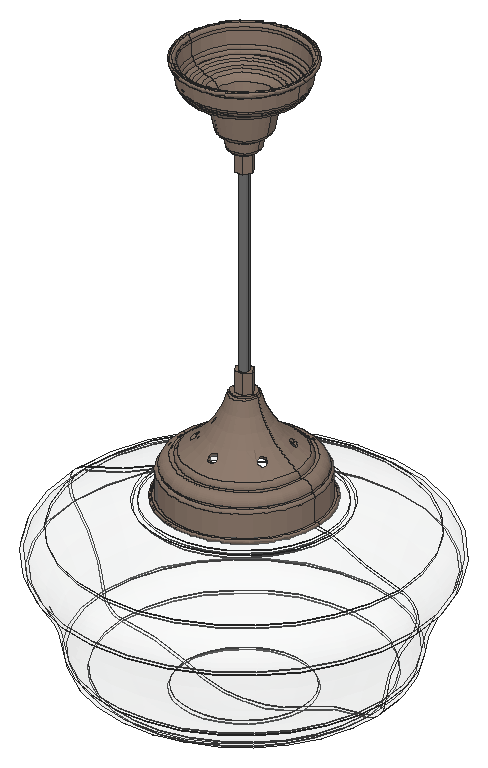
Revit family "SH - PE416", category Generic Models, Revit 2017
Family settings
  Can host rebar = No
  Round Connector Dimension = Use Diameter
  Part Type = Normal
  Work Plane-Based = No
  Always vertical = Yes
  Cut with Voids When Loaded = No
  Shared = No
  Room Calculation Point = No
Parameters
  SH-PE412 = ARCH. BRNZ.
  SH-CE16 = ARCH. BRNZ.
  SH - CE12 = ARCH. BRNZ.
  GLASS = Glass, Clear Glazing
  CORD = Rubber, Silicone
Reference planes (in)
  plane 1 "Center (Front/Back)": y = 0
  plane 2: z = 0
  plane 3 "Center (Left/Right)": x = 0
Forms (in)
  Extrusion 1, solid, material "ARCH. BRNZ." <- "SH-PE412"
    sketch origin (-31.06002, -14.902, 13.23731) x (1, 0, 0) y (0, 1, 0)
      loop
        line (30.70033, 14.902) -> (30.88018, 14.5905) -> (31.23987, 14.5905) -> (31.41971, 14.902) -> (31.23987, 15.2135) -> (30.88018, 15.2135) -> (30.70033, 14.902)
    from -0.42467 to 0.45033
  Revolve 2, solid, material "ARCH. BRNZ." <- "SH-PE412"
    sketch origin (-31.06002, 0, -1.66469) x (1, 0, 0) y (0, 0, 1)
      loop
        line (30.56002, 14.53983) -> (30.56002, 14.47733) -> (30.97768, 14.47733) -> (30.97768, 14.53983) -> (30.56002, 14.53983)
      axis (31.06002, 14.53983) -> (31.06002, 14.47733)
    angle from 0 to 360
  Revolve 3, solid, material "Rubber, Silicone" <- "CORD"
    sketch origin (-31.06002, 0, -3.83662) x (1, 0, 0) y (0, 0, 1)
      loop
        line (30.87252, 25.30126) -> (30.87252, 17.52426) -> (30.93502, 17.52426) -> (30.93502, 25.30126) -> (30.87252, 25.30126)
      axis (31.06002, 25.30126) -> (31.06002, 17.52426)
    angle from 0 to 360
  Extrusion 4, solid, material "ARCH. BRNZ." <- "SH-PE412"
    sketch origin (31.06002, -14.902, 21.88931) x (0, 1, 0) y (-1, 0, 0)
      loop
        line (14.902, 30.70033) -> (15.2135, 30.88018) -> (15.2135, 31.23987) -> (14.902, 31.41971) -> (14.5905, 31.23987) -> (14.5905, 30.88018) -> (14.902, 30.70033)
    from -0.42467 to 0.45033
  Revolve 5, solid, material "ARCH. BRNZ." <- "SH-PE412"
    sketch origin (31.06002, 0, 36.81697) x (-1, 0, 0) y (0, 0, -1)
      loop
        line (30.56002, 14.53983) -> (30.56002, 14.47733) -> (30.97768, 14.47733) -> (30.97768, 14.53983) -> (30.56002, 14.53983)
      axis (31.06002, 14.53983) -> (31.06002, 14.47733)
    angle from 0 to 360
  Revolve 6, solid, material "ARCH. BRNZ." <- "SH-PE412"
    sketch origin (-31.06002, 0, -1.66469) x (1, 0, 0) y (0, 0, 1)
      loop
        arc (29.14804, 26.23422) -> (29.22127, 26.21843) -> (29.26002, 26.15433) r 0.09454
        line (29.26002, 26.15433) -> (29.5383, 26.15433)
        arc (29.5383, 26.15433) -> (29.57901, 26.12192) -> (29.61212, 26.08179) r 0.25
        arc (29.61212, 26.08179) -> (29.72896, 25.99379) -> (29.82002, 25.87933) r 0.57902
        line (29.82002, 25.87933) -> (30.03976, 24.79207)
        arc (30.03976, 24.79207) -> (30.08457, 24.71893) -> (30.16596, 24.69174) r 0.125
        arc (30.16596, 24.69174) -> (30.30187, 24.64378) -> (30.37025, 24.5169) r 0.2
        line (30.37025, 24.5169) -> (30.42121, 24.11366)
        arc (30.42121, 24.11366) -> (30.46256, 24.03557) -> (30.54522, 24.00433) r 0.125
        line (30.54522, 24.00433) -> (30.81002, 24.00433) -> (30.81002, 24.08433) -> (30.54522, 24.08433)
        arc (30.54522, 24.08433) -> (30.51546, 24.09558) -> (30.50058, 24.12369) r 0.045
        line (30.50058, 24.12369) -> (30.44962, 24.52693)
        arc (30.44962, 24.52693) -> (30.35389, 24.70456) -> (30.16361, 24.77185) r 0.28
        arc (30.16361, 24.77185) -> (30.13431, 24.78159) -> (30.11818, 24.80792) r 0.045
        line (30.11818, 24.80792) -> (29.89576, 25.90842)
        arc (29.89576, 25.90842) -> (29.79632, 26.03959) -> (29.66747, 26.14201) r 0.65902
        arc (29.66747, 26.14201) -> (29.61872, 26.19401) -> (29.55993, 26.23433) r 0.33
        line (29.55993, 26.23433) -> (29.31415, 26.23433)
        arc (29.31415, 26.23433) -> (29.26184, 26.28758) -> (29.19207, 26.31411) r 0.17454
        arc (29.19207, 26.31411) -> (29.13867, 26.35497) -> (29.07355, 26.37175) r 0.16886
        arc (29.07355, 26.37175) -> (29.02125, 26.41193) -> (28.9573, 26.42808) r 0.16291
        line (28.9573, 26.42808) -> (28.90756, 26.42808)
        arc (28.90756, 26.42808) -> (28.88508, 26.5122) -> (28.82202, 26.57225) r 0.16071
        arc (28.82202, 26.57225) -> (28.8092, 26.65884) -> (28.76159, 26.7323) r 0.20613
        line (28.76159, 26.7323) -> (28.71252, 27.25806) -> (28.71252, 27.37933)
        arc (28.71252, 27.37933) -> (28.68342, 27.45999) -> (28.61002, 27.50433) r 0.12838
        line (28.61002, 27.50433) -> (28.50752, 27.50433)
        arc (28.50752, 27.50433) -> (28.44502, 27.44183) -> (28.50752, 27.37933) r 0.0625
        line (28.50752, 27.37933) -> (28.50752, 27.42933)
        arc (28.50752, 27.42933) -> (28.49502, 27.44183) -> (28.50752, 27.45433) r 0.0125
        line (28.50752, 27.45433) -> (28.55877, 27.45433)
        arc (28.55877, 27.45433) -> (28.61124, 27.43216) -> (28.63252, 27.37933) r 0.0742
        line (28.63252, 27.37933) -> (28.63252, 27.25433) -> (28.68502, 26.69183)
        arc (28.68502, 26.69183) -> (28.72688, 26.6468) -> (28.74248, 26.58734) r 0.12613
        arc (28.74248, 26.58734) -> (28.7522, 26.54215) -> (28.77877, 26.50433) r 0.11618
        arc (28.77877, 26.50433) -> (28.81469, 26.47394) -> (28.82756, 26.42869) r 0.08071
        arc (28.82756, 26.42869) -> (28.84014, 26.38286) -> (28.87252, 26.34808) r 0.09958
        line (28.87252, 26.34808) -> (28.95527, 26.34808)
        arc (28.95527, 26.34808) -> (29.0006, 26.33117) -> (29.02877, 26.29183) r 0.08291
        line (29.02877, 26.29183) -> (29.05964, 26.29183)
        arc (29.05964, 26.29183) -> (29.11332, 26.27757) -> (29.14804, 26.23422) r 0.08886
      axis (31.06002, 27.50433) -> (31.06002, 24.00433)
    angle from 0 to 360
  Revolve 7, solid, material "ARCH. BRNZ." <- "SH-CE16"
    sketch origin (0, 0, -4.8851) x (1, 0, 0) y (0, 0, 1)
      loop
        line (-2.40479, 15.19775) -> (-2.5625, 15.19775)
        arc (-2.5625, 15.19775) -> (-2.82767, 15.08791) -> (-2.9375, 14.82275) r 0.375
        line (-2.9375, 14.82275) -> (-2.9375, 14.76025)
        arc (-2.9375, 14.76025) -> (-3.02589, 14.72363) -> (-3.0625, 14.63525) r 0.125
        line (-3.0625, 14.63525) -> (-3.0625, 13.69775)
        arc (-3.0625, 13.69775) -> (-3.11333, 13.64079) -> (-3.1875, 13.62275) r 0.12843
        arc (-3.1875, 13.62275) -> (-3.2, 13.63525) -> (-3.1875, 13.64775) r 0.0125
        line (-3.1875, 13.64775) -> (-3.1875, 13.69775)
        arc (-3.1875, 13.69775) -> (-3.25, 13.63525) -> (-3.1875, 13.57275) r 0.0625
        arc (-3.1875, 13.57275) -> (-3.06777, 13.60699) -> (-2.9825, 13.69775) r 0.23426
        line (-2.9825, 13.69775) -> (-2.9825, 14.63525)
        arc (-2.9825, 14.63525) -> (-2.96932, 14.66707) -> (-2.9375, 14.68025) r 0.045
        arc (-2.9375, 14.68025) -> (-2.88093, 14.70368) -> (-2.8575, 14.76025) r 0.08
        line (-2.8575, 14.76025) -> (-2.8575, 14.82275)
        arc (-2.8575, 14.82275) -> (-2.7711, 15.03134) -> (-2.5625, 15.11775) r 0.295
        line (-2.5625, 15.11775) -> (-2.33174, 15.11775) -> (-2.32453, 15.21907)
        arc (-2.32453, 15.21907) -> (-2.29788, 15.29907) -> (-2.23606, 15.35642) r 0.17
        arc (-2.23606, 15.35642) -> (-1.1274, 16.30265) -> (-0.4989, 17.61775) r 3.50875
        line (-0.4989, 17.61775) -> (-0.25, 17.61775) -> (-0.25, 17.69775) -> (-0.51271, 17.69775)
        arc (-0.51271, 17.69775) -> (-0.55148, 17.68427) -> (-0.57353, 17.64966) r 0.0625
        arc (-0.57353, 17.64966) -> (-1.18673, 16.35676) -> (-2.27422, 15.42673) r 3.42875
        arc (-2.27422, 15.42673) -> (-2.37214, 15.33084) -> (-2.40479, 15.19775) r 0.25
      axis (0, 17.69775) -> (0, 13.57275)
    angle from 0 to 360
  Revolve 8, solid, material "Glass, Clear Glazing" <- "GLASS"
    sketch origin (0, 0, -4.8851) x (1, 0, 0) y (0, 0, 1)
      loop
        line (0, 5.59319) -> (0, 5.71819)
        arc (0, 5.71819) -> (-1.30266, 5.86443) -> (-2.54047, 6.29586) r 5.875
        arc (-2.54047, 6.29586) -> (-3.88467, 6.77464) -> (-5.29722, 6.9767) r 7.14351
        arc (-5.29722, 6.9767) -> (-5.79929, 7.23632) -> (-6.0379, 7.74871) r 0.875
        arc (-6.0379, 7.74871) -> (-6.46175, 9.39231) -> (-7.32175, 10.85568) r 6.10511
        arc (-7.32175, 10.85568) -> (-7.43803, 11.70841) -> (-6.76778, 12.24826) r 0.875
        arc (-6.76778, 12.24826) -> (-5.24969, 12.70012) -> (-3.80577, 13.35119) r 11.80224
        arc (-3.80577, 13.35119) -> (-3.7134, 13.37593) -> (-3.61834, 13.38629) r 0.625
        arc (-3.61834, 13.38629) -> (-3.21892, 13.42593) -> (-2.82838, 13.51854) r 2.99951
        arc (-2.82838, 13.51854) -> (-2.64201, 13.71089) -> (-2.62457, 13.97815) r 0.38818
        line (-2.62457, 13.97815) -> (-2.75511, 14.42037) -> (-2.875, 14.38498) -> (-2.74445, 13.94276)
        arc (-2.74445, 13.94276) -> (-2.75458, 13.76548) -> (-2.875, 13.63498) r 0.26318
        arc (-2.875, 13.63498) -> (-3.24457, 13.54838) -> (-3.62233, 13.51123) r 2.87451
        arc (-3.62233, 13.51123) -> (-3.74132, 13.49786) -> (-3.85667, 13.46572) r 0.75
        arc (-3.85667, 13.46572) -> (-5.2874, 12.81946) -> (-6.79189, 12.37096) r 11.67724
        arc (-6.79189, 12.37096) -> (-7.55513, 11.75222) -> (-7.42046, 10.77897) r 1
        arc (-7.42046, 10.77897) -> (-6.57759, 9.34532) -> (-6.16214, 7.73499) r 5.98011
        arc (-6.16214, 7.73499) -> (-5.88697, 7.14715) -> (-5.30887, 6.85208) r 1
        arc (-5.30887, 6.85208) -> (-3.9179, 6.65409) -> (-2.59424, 6.18302) r 7.01851
        arc (-2.59424, 6.18302) -> (-1.33022, 5.74251) -> (0, 5.59319) r 6
      axis (0, 14.42037) -> (0, 5.59319)
    angle from 0 to 360
  Extrusion 9, void
    sketch origin (0, -11.66404, -1.43409) x (1, 0, 0) y (0, 0.707107, 0.707107)
      loop
        circle (0, 15.80525) r 0.1875
    from 1.60359 to 1.72393
  Extrusion 10, void
    sketch origin (0, 11.66404, -1.43409) x (1, 0, 0) y (0, 0.707107, -0.707107)
      loop
        circle (0, -15.80525) r 0.1875
    from 1.60359 to 1.72393
  Extrusion 11, void
    sketch origin (-10.10135, -5.83202, -1.43409) x (0.5, -0.866025, 0) y (0.612372, 0.353553, 0.707107)
      loop
        circle (0, 15.80525) r 0.1875
    from 1.60359 to 1.72393
  Extrusion 12, void
    sketch origin (10.10135, 5.83202, -1.43409) x (0.5, -0.866025, 0) y (0.612372, 0.353553, -0.707107)
      loop
        circle (0, -15.80525) r 0.1875
    from 1.60359 to 1.72393
  Extrusion 13, void
    sketch origin (10.10135, -5.83202, -1.43409) x (0.5, 0.866025, 0) y (-0.612372, 0.353553, 0.707107)
      loop
        circle (0, 15.80525) r 0.1875
    from 1.60359 to 1.72393
  Extrusion 14, void
    sketch origin (-10.10135, 5.83202, -1.43409) x (0.5, 0.866025, 0) y (-0.612372, 0.353553, -0.707107)
      loop
        circle (0, -15.80525) r 0.1875
    from 1.60359 to 1.72393
Cuts and joins
  Extrusion 9, Extrusion 10, Extrusion 11, Extrusion 12, Extrusion 13, Extrusion 14 cuts Revolve 7
Dimensions and locks (in)
  aligned and locked: plane 2 to level
